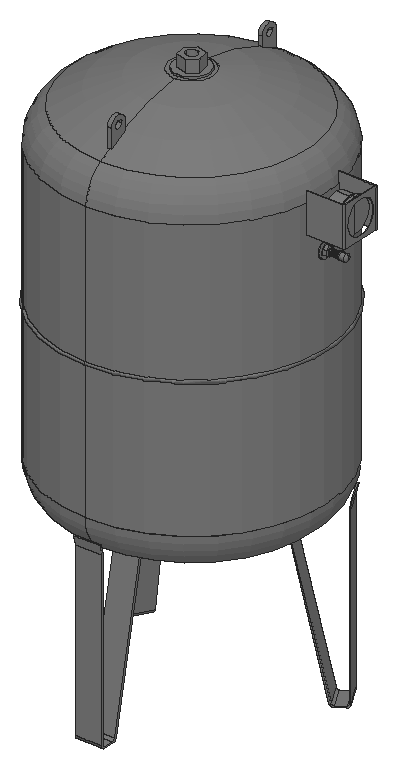
Revit family "MIT-150-ET (Vertical)", category Specialty Equipment, Revit 2022
Family settings
  Round Connector Dimension = Use Diameter
  Part Type = Normal
  Work Plane-Based = No
  Always vertical = Yes
  Cut with Voids When Loaded = No
  Maintain Annotation Orientation = No
  Shared = No
  Room Calculation Point = No
Parameters
  URL = "https://en.ekinendustriyel.com/expansion-tanks"
  Test Pressure = 15.0 bar
  Production Standard = "TS EN 13831"
  Precharge Pressure = 4.0 bar
  Operating Pressure = 10.0 bar
  Model = "MIT-150-ET_(Vertical)"
  Manufacturer = "Ekin Endüstriyel"
  Keynote = "Expension Tank"
  Description = "MIT-Expension Tank"
  Default Elevation = 0 mm
Reference planes
  plane 1 "Center (Front/Back)": y = 0
  plane 2: z = 0
  plane 3 "Center (Left/Right)": x = 0
Forms (mm)
  Revolve 1, solid, material "Ekin Endustriyel-S235JR", detail levels medium+fine
    sketch origin (0, -6430, 0) x (0, 1, 0) y (0, 0, 1)
      loop
        line (6430, 1054.627) -> (6430, 1053.427) -> (6470.086, 1053.427)
        arc (6470.086, 1053.427) -> (6563.275, 1031.779) -> (6648.889, 989.081) r 409.147
        arc (6648.889, 989.081) -> (6673.649, 962.7) -> (6683.619, 927.921) r 76.963
        line (6683.619, 927.921) -> (6683.619, 392.478)
        arc (6683.619, 392.478) -> (6674.668, 356.68) -> (6649.921, 329.309) r 76.055
        arc (6649.921, 329.309) -> (6578.43, 291.4) -> (6500.691, 268.935) r 393.047
        arc (6500.691, 268.935) -> (6493.291, 264.384) -> (6485.554, 260.435) r 109.367
        line (6485.554, 260.435) -> (6430, 260.435) -> (6430, 259.242) -> (6485.832, 259.242)
        arc (6485.832, 259.242) -> (6493.661, 263.216) -> (6501.151, 267.799) r 110.567
        arc (6501.151, 267.799) -> (6578.997, 290.335) -> (6650.59, 328.313) r 394.247
        arc (6650.59, 328.313) -> (6675.727, 356.115) -> (6684.819, 392.478) r 77.255
        line (6684.819, 392.478) -> (6684.819, 655.684)
        arc (6684.819, 655.684) -> (6687.823, 658.684) -> (6684.819, 661.684) r 3
        line (6684.819, 661.684) -> (6684.819, 927.947)
        arc (6684.819, 927.947) -> (6674.699, 963.282) -> (6649.546, 990.085) r 78.163
        arc (6649.546, 990.085) -> (6563.65, 1032.919) -> (6470.153, 1054.627) r 410.347
        line (6470.153, 1054.627) -> (6430, 1054.627)
      axis (6430, 259.242) -> (6430, 1054.627)
    angle from 0 to 360
  Extrusion 2, solid, material "Ekin Endustriyel-S235JR", detail levels coarse
    sketch origin (1329.764, -1404.642, 218.125) x (1, 0, 0) y (0, 1, 0)
      loop
        circle (-1330, 1405) r 73.5
    from 31 to 42.174
  Revolve 3, solid, material "Ekin Endustriyel-S235JR", detail levels fine
    sketch origin (1889.764, 0.358, 218.125) x (1, 0, 0) y (0, 0, 1)
      loop
        line (-1901.943, 0.978) -> (-1901.943, 31) -> (-1907.034, 31)
        arc (-1907.034, 31) -> (-1906.343, 30.575) -> (-1906.192, 29.778) r 1.003
        line (-1906.192, 29.778) -> (-1905.077, 28.872) -> (-1906.303, 27.876) -> (-1905.077, 26.88) -> (-1906.303, 25.883) -> (-1905.077, 24.887) -> (-1906.303, 23.891) -> (-1905.077, 22.895) -> (-1906.303, 21.898) -> (-1905.077, 20.902) -> (-1906.303, 19.906) -> (-1905.077, 18.91) -> (-1906.303, 17.914) -> (-1905.077, 16.917) -> (-1906.303, 15.921) -> (-1905.077, 14.925) -> (-1906.303, 13.929) -> (-1905.077, 12.932) -> (-1906.303, 11.936) -> (-1905.077, 10.94) -> (-1906.303, 9.944) -> (-1905.077, 8.948) -> (-1906.303, 7.951) -> (-1905.077, 6.955) -> (-1906.303, 5.959) -> (-1905.077, 4.963) -> (-1906.303, 3.966) -> (-1905.077, 2.97) -> (-1906.303, 1.974) -> (-1905.077, 0.978) -> (-1901.943, 0.978)
      axis (-1890, 31) -> (-1890, 0.978)
    angle from 0 to 360
  Extrusion 4, solid, material "Ekin Endustriyel-S235JR", detail levels fine
    sketch origin (1329.764, -1404.642, 249.125) x (0, 1, 0) y (1, 0, 0)
      loop
        line (1469.567, -1324.064) -> (1462.158, -1323.023) -> (1457.552, -1328.918) -> (1460.355, -1335.855) -> (1467.764, -1336.896) -> (1472.37, -1331.001) -> (1469.567, -1324.064)
      loop
        line (1342.236, -1323.023) -> (1337.63, -1328.918) -> (1340.433, -1335.855) -> (1347.842, -1336.896) -> (1352.448, -1331.001) -> (1349.645, -1324.064) -> (1342.236, -1323.023)
      loop
        line (1442.389, -1382.929) -> (1439.587, -1375.992) -> (1432.178, -1374.951) -> (1427.572, -1380.846) -> (1430.374, -1387.783) -> (1437.783, -1388.824) -> (1442.389, -1382.929)
      loop
        line (1379.626, -1272.136) -> (1372.217, -1271.095) -> (1367.611, -1276.991) -> (1370.413, -1283.927) -> (1377.822, -1284.969) -> (1382.428, -1279.073) -> (1379.626, -1272.136)
      loop
        line (1377.822, -1388.824) -> (1382.428, -1382.929) -> (1379.626, -1375.992) -> (1372.217, -1374.951) -> (1367.611, -1380.846) -> (1370.413, -1387.783) -> (1377.822, -1388.824)
      loop
        line (1442.389, -1279.073) -> (1439.587, -1272.136) -> (1432.178, -1271.095) -> (1427.572, -1276.991) -> (1430.374, -1283.927) -> (1437.783, -1284.969) -> (1442.389, -1279.073)
    from 0 to 5.3
  Extrusion 5, solid, material "Ekin Endustriyel-S235JR", detail levels fine
    sketch origin (1329.764, -1404.642, 260.299) x (1, 0, 0) y (0, 1, 0)
      loop
        circle (-1330, 1465) r 4.5
      loop
        circle (-1381.962, 1435) r 4.5
      loop
        circle (-1381.962, 1375) r 4.5
      loop
        circle (-1330, 1345) r 4.5
      loop
        circle (-1278.038, 1375) r 4.5
      loop
        circle (-1278.038, 1435) r 4.5
    from 0 to -11.174
  Extrusion 6, solid, material "Ekin Endustriyel-S235JR", detail levels medium
    sketch origin (1329.764, -1405, 249.125) x (0, 1, 0) y (1, 0, 0)
      loop
        circle (1405, -1330) r 16.3
      loop
        circle (1405, -1330) r 11.767
    from 30.022 to 0
  Extrusion 7, solid, material "Ekin Endustriyel-S235JR", detail levels coarse
    sketch origin (1329.764, -1405, 249.125) x (0, 1, 0) y (1, 0, 0)
      loop
        arc (1388.7, -1330) -> (1396.718, -1344.039) -> (1412.885, -1344.266) r 16.3
        arc (1412.885, -1344.266) -> (1413.282, -1315.961) -> (1388.7, -1330) r 16.3
    from 0 to 30.022
  Extrusion 8, solid, material "Ekin Endustriyel-S235JR", detail levels medium+fine
    sketch origin (1329.764, -2209.642, 249.125) x (0, 1, 0) y (1, 0, 0)
      loop
        circle (2210, -1330) r 73.5
      loop
        circle (2150, -1330) r 4.5
      loop
        circle (2180, -1278.038) r 4.5
      loop
        circle (2240, -1278.038) r 4.5
      loop
        circle (2270, -1330) r 4.5
      loop
        circle (2240, -1381.962) r 4.5
      loop
        circle (2180, -1381.962) r 4.5
      loop
        circle (2158.038, -1300) r 4.5
      loop
        circle (2210, -1270) r 4.5
      loop
        circle (2261.962, -1300) r 4.5
      loop
        circle (2261.962, -1360) r 4.5
      loop
        circle (2210, -1390) r 4.5
      loop
        circle (2158.038, -1360) r 4.5
    from 0 to -11.174
  Extrusion 9, solid, material "Ekin Endustriyel-S235JR", detail levels coarse
    sketch origin (3770, -6405, 42.174) x (0, 1, 0) y (-1, 0, 0)
      loop
        circle (6405, 3770) r 258
    from 218.125 to 1012.453
  Extrusion 10, solid, material "Ekin Endustriyel-S235JR", detail levels fine
    sketch origin (0.852, -3360, 0) x (0, 1, 0) y (0, 0, 1)
      loop
        line (3557.313, 1003.609) -> (3557.313, 1038.591)
        arc (3557.313, 1038.591) -> (3541.298, 1054.606) -> (3525.282, 1038.591) r 16.016
        line (3525.282, 1038.591) -> (3525.282, 1020.051)
        arc (3525.282, 1020.051) -> (3541.473, 1012.171) -> (3557.313, 1003.609) r 423.51
      loop
        circle (3541.298, 1038.669) r 8.012
      loop
        arc (3162.687, 1003.609) -> (3178.527, 1012.171) -> (3194.718, 1020.051) r 423.51
        line (3194.718, 1020.051) -> (3194.718, 1038.591)
        arc (3194.718, 1038.591) -> (3178.702, 1054.606) -> (3162.687, 1038.591) r 16.016
        line (3162.687, 1038.591) -> (3162.687, 1003.609)
      loop
        circle (3178.702, 1038.669) r 8.012
    from -4.668 to 2.964
  Extrusion 11, solid, material "Ekin Endustriyel-S235JR", detail levels medium+fine
    sketch origin (3870.044, -4745.875, 1057.446) x (0, 1, 0) y (-1, 0, 0)
      loop
        circle (4745.469, 3869.844) r 11
      loop
        line (4730.56, 3886.032) -> (4723.995, 3865.027) -> (4738.903, 3848.838) -> (4760.377, 3853.655) -> (4766.943, 3874.661) -> (4752.034, 3890.849) -> (4730.56, 3886.032)
    from 0.181 to 23
  Extrusion 12, solid, material "Ekin Endustriyel-S235JR", detail levels coarse
    sketch origin (3870.044, -4745.875, 1057.446) x (0, 1, 0) y (-1, 0, 0)
      loop
        line (4730.56, 3886.032) -> (4723.995, 3865.027) -> (4738.903, 3848.838) -> (4760.377, 3853.655) -> (4766.943, 3874.661) -> (4752.034, 3890.849) -> (4730.56, 3886.032)
    from -2.819 to 23
  Extrusion 13, solid, material "Ekin Endustriyel-S235JR", detail levels medium+fine
    sketch origin (1.828, -20.867, 0) x (-0.866025, 0.5, 0) y (0, 0, 1)
      loop
        line (260.007, 343.057) -> (263.4, 360.514) -> (261.437, 360.895) -> (258.009, 343.259) -> (258.009, 7)
        arc (258.009, 7) -> (256.545, 3.464) -> (253.009, 2) r 5
        line (253.009, 2) -> (233.683, 2)
        arc (233.683, 2) -> (230.536, 3.114) -> (228.792, 5.96) r 5
        line (228.792, 5.96) -> (167.728, 293.242) -> (165.772, 292.826) -> (226.84, 5.523)
        arc (226.84, 5.523) -> (229.272, 1.554) -> (233.661, 0) r 6.973
        line (233.661, 0) -> (253.05, 0)
        arc (253.05, 0) -> (257.969, 2.038) -> (260.007, 6.957) r 6.957
        line (260.007, 6.957) -> (260.007, 343.057)
    from -7.877 to 41.637
  Extrusion 14, solid, material "Ekin Endustriyel-S235JR", detail levels medium+fine
    sketch origin (1.828, -20.867, 0) x (0, -1, 0) y (0, 0, 1)
      loop
        line (230.257, 352.064) -> (228.294, 352.445) -> (224.823, 334.587) -> (224.823, 7)
        arc (224.823, 7) -> (223.358, 3.464) -> (219.823, 2) r 5
        line (219.823, 2) -> (200.491, 2)
        arc (200.491, 2) -> (197.344, 3.114) -> (195.6, 5.96) r 5
        line (195.6, 5.96) -> (134.713, 292.415) -> (132.756, 291.999) -> (193.649, 5.523)
        arc (193.649, 5.523) -> (196.081, 1.554) -> (200.469, 0) r 6.973
        line (200.469, 0) -> (219.866, 0)
        arc (219.866, 0) -> (224.785, 2.038) -> (226.823, 6.957) r 6.957
        line (226.823, 6.957) -> (226.823, 334.394) -> (230.257, 352.064)
    from -23.363 to 26.635
  Extrusion 15, solid, material "Ekin Endustriyel-S235JR", detail levels medium+fine
    sketch origin (1.828, -20.867, 0) x (0.866025, 0.5, 0) y (0, 0, 1)
      loop
        line (260.639, 360.495) -> (258.676, 360.877) -> (255.205, 343.018) -> (255.205, 7)
        arc (255.205, 7) -> (253.74, 3.464) -> (250.205, 2) r 5
        line (250.205, 2) -> (230.887, 2)
        arc (230.887, 2) -> (227.74, 3.114) -> (225.996, 5.96) r 5
        line (225.996, 5.96) -> (165.008, 292.886) -> (163.052, 292.47) -> (224.044, 5.523)
        arc (224.044, 5.523) -> (226.477, 1.554) -> (230.865, 0) r 6.973
        line (230.865, 0) -> (250.248, 0)
        arc (250.248, 0) -> (255.167, 2.038) -> (257.205, 6.957) r 6.957
        line (257.205, 6.957) -> (257.205, 342.826) -> (260.639, 360.495)
    from -23.363 to 26.635
  Extrusion 16, solid, material "Ekin Endustriyel-S235JR", detail levels coarse
    sketch origin (1.828, -20.867, 0) x (-0.866025, 0.5, 0) y (0, 0, 1)
      loop
        line (260.007, 260.299) -> (172.686, 260.299) -> (226.84, 5.523)
        arc (226.84, 5.523) -> (229.272, 1.554) -> (233.661, 0) r 6.973
        line (233.661, 0) -> (253.05, 0)
        arc (253.05, 0) -> (257.969, 2.038) -> (260.007, 6.957) r 6.957
        line (260.007, 6.957) -> (260.007, 260.299)
    from -7.877 to 41.637
  Extrusion 17, solid, material "Ekin Endustriyel-S235JR", detail levels coarse
    sketch origin (1.828, -20.867, 0) x (0, -1, 0) y (0, 0, 1)
      loop
        line (224.823, 260.299) -> (139.494, 260.299) -> (193.649, 5.523)
        arc (193.649, 5.523) -> (196.081, 1.554) -> (200.469, 0) r 6.973
        line (200.469, 0) -> (217.866, 0)
        arc (217.866, 0) -> (222.785, 2.038) -> (224.823, 6.957) r 6.957
        line (224.823, 6.957) -> (224.823, 260.299)
    from -23.363 to 26.635
  Extrusion 18, solid, material "Ekin Endustriyel-S235JR", detail levels coarse
    sketch origin (1.828, -20.867, 0) x (0.866025, 0.5, 0) y (0, 0, 1)
      loop
        line (257.218, 260.299) -> (169.88, 260.299) -> (224.034, 5.523)
        arc (224.034, 5.523) -> (226.467, 1.554) -> (230.855, 0) r 6.973
        line (230.855, 0) -> (250.262, 0)
        arc (250.262, 0) -> (255.181, 2.038) -> (257.218, 6.957) r 6.957
        line (257.218, 6.957) -> (257.218, 260.299)
    from -23.363 to 26.635
  Extrusion 19, solid, material "Ekin Endustriyel-S235JR", detail levels medium+fine
    sketch origin (3870.044, -4745.875, 1057.446) x (0, 1, 0) y (-1, 0, 0)
      loop
        circle (4745.827, 3869.844) r 32.5
    from -2.819 to 0.181
  Extrusion 20, solid, material "Ekin Endustriyel-S235JR", detail levels coarse
    sketch origin (25, 0, 106.683) x (1, 0, 0) y (0, 1, 0)
      loop
        line (226.508, -39.142) -> (298.922, -39.142) -> (298.922, 39.858) -> (226.683, 39.858)
        arc (226.683, 39.858) -> (229.034, 19.99) -> (229.819, 0) r 254.819
        arc (229.819, 0) -> (228.99, -19.641) -> (226.508, -39.142) r 233
    from 767.5 to 842.5
  Extrusion 21, solid, material "Ekin Endustriyel-S235JR", detail levels medium+fine
    sketch origin (25, 0, 106.683) x (1, 0, 0) y (0, 1, 0)
      loop
        line (296.322, 39.858) -> (226.683, 39.858)
        arc (226.683, 39.858) -> (226.839, 38.858) -> (226.992, 37.858) r 254.819
        line (226.992, 37.858) -> (296.322, 37.858)
        arc (296.322, 37.858) -> (296.747, 37.682) -> (296.922, 37.258) r 0.6
        line (296.922, 37.258) -> (296.922, -36.542)
        arc (296.922, -36.542) -> (296.747, -36.967) -> (296.322, -37.142) r 0.6
        line (296.322, -37.142) -> (227.098, -37.142)
        arc (227.098, -37.142) -> (226.949, -38.143) -> (226.795, -39.142) r 254.819
        line (226.795, -39.142) -> (296.322, -39.142)
        arc (296.322, -39.142) -> (298.161, -38.381) -> (298.922, -36.542) r 2.6
        line (298.922, -36.542) -> (298.922, 37.258)
        arc (298.922, 37.258) -> (298.161, 39.096) -> (296.322, 39.858) r 2.6
    from 767.5 to 842.5
  Extrusion 22, void
    sketch origin (323.922, -36.542, 106.683) x (0, 1, 0) y (0, 0, 1)
      loop
        circle (36.9, 805) r 32.5
    from -2 to 0
  Revolve 23, solid, material "Ekin Endustriyel-S235JR", detail levels fine
    sketch origin (25, 0, 106.683) x (1, 0, 0) y (0, 0, 1)
      loop
        line (230, 811.5) -> (230, 805) -> (288.499, 805) -> (288.499, 837.415) -> (283.499, 837.415) -> (283.499, 835.016) -> (279.483, 835.016)
        arc (279.483, 835.016) -> (278.774, 834.723) -> (278.48, 834.013) r 1.003
        line (278.48, 834.013) -> (253.48, 834.013) -> (253.48, 815.002) -> (252.5, 815.002)
        arc (252.5, 815.002) -> (252.139, 814.657) -> (252, 814.178) r 0.964
        line (252, 814.178) -> (252, 812.305) -> (245, 812.305) -> (245, 811.5) -> (230, 811.5)
      axis (230, 805) -> (288.499, 805)
    angle from 0 to 360
  Revolve 24, solid, material "Ekin Endustriyel-S235JR", detail levels fine
    sketch origin (24.702, 0, 27.681) x (1, 0, 0) y (0, 0, 1)
      loop
        line (229.96, 805) -> (275.561, 805)
        arc (275.561, 805) -> (274.758, 808.458) -> (272.513, 811.208) r 7.847
        line (272.513, 811.208) -> (261.504, 811.208) -> (261.504, 812.005) -> (260.479, 812.005) -> (260.479, 810.108) -> (259.639, 809.269) -> (258.962, 809.946) -> (258.285, 809.269) -> (257.608, 809.946) -> (256.931, 809.269) -> (256.254, 809.946) -> (255.577, 809.269) -> (254.899, 809.946) -> (254.222, 809.269) -> (253.545, 809.946) -> (252.868, 809.269) -> (252.191, 809.946) -> (251.514, 809.269) -> (250.837, 809.946) -> (250.16, 809.269) -> (249.483, 809.946) -> (248.806, 809.269) -> (248.128, 809.946) -> (247.451, 809.269) -> (246.774, 809.946) -> (246.097, 809.269) -> (245.42, 809.946) -> (244.743, 809.269) -> (244.066, 809.946) -> (243.389, 809.269) -> (242.712, 809.946) -> (242.035, 809.269) -> (241.357, 809.946) -> (240.68, 809.269) -> (240.003, 809.946) -> (239.326, 809.269) -> (238.649, 809.946) -> (237.972, 809.269) -> (237.295, 809.946) -> (236.618, 809.269) -> (235.941, 809.946) -> (235.264, 809.269) -> (234.586, 809.946) -> (233.909, 809.269) -> (233.232, 809.946) -> (232.555, 809.269) -> (232.001, 809.823) -> (232.001, 814.435) -> (232.001, 819.99) -> (229.96, 819.99) -> (229.96, 805)
      axis (229.96, 805) -> (275.561, 805)
    angle from 0 to 360
  Extrusion 25, solid, material "Ekin Endustriyel-S235JR", detail levels fine
    sketch origin (24.702, 0, 109.477) x (0, 1, 0) y (0, 0, 1)
      loop
        line (0.348, 732.628) -> (-7.805, 727.921) -> (-7.805, 718.507) -> (0.348, 713.8) -> (8.5, 718.507) -> (8.5, 727.921) -> (0.348, 732.628)
    from 232.001 to 240.003
Cuts and joins
  joined: Extrusion 4, Extrusion 5
  Extrusion 22 cuts Extrusion 21
Dimensions and locks
  aligned and locked: level to plane 2
Connectors
  piping at (-0.236, 0, 219.102), diameter 25.4
    settings: on Extrusion 6, index 1, connector inside diameter 609.6 mm, connector length 0 mm, flow factor 0, pipe flow 0.0 L/s, pressure drop 0.0 Pa, fitting loss kfactor 0, connector angle 0.00°, fixture units 0, engagement length 0 mm, angle of deflection 0.00°, flow configuration 0, flow direction 0, fitting loss method 0, system type 7, joint type 0, gender type 0, connector reference index -1, connector utility 0, adjustable connector no, is connector primary yes, connector description ""
